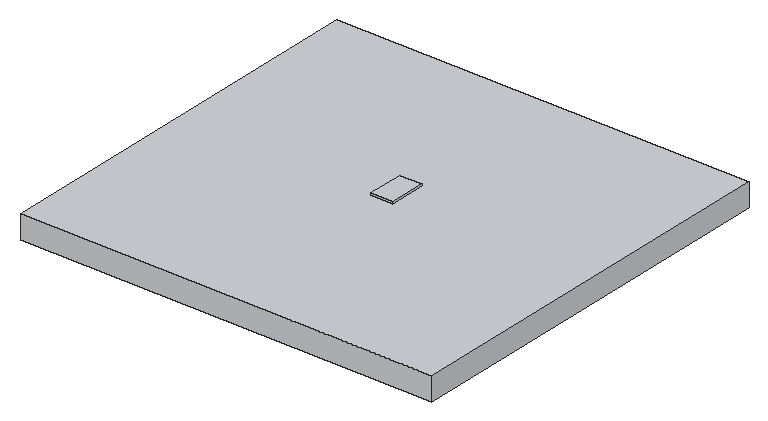
Revit family "M_Interruptor", category Iluminação elétrica, Revit 2019
Family settings
  Hospedeiro = Face
  Manter orientação da anotação = Sim
  Cota do conector redondo = Utilizar diâmetro
  Tipo de parte = Interruptor
  Número OmniClass = 23.80.50.11.14
  Título OmniClass = Switches
  ID de item do Seek = Switch-0000-CAN-ENU
  Corte com vazios quando carregada = Não
  Compartilhado = Não
  Ponto de cálculo do ambiente = Não
Parameters (values of type "Ventilador")
  Voltagem do interruptor = 120 V
  Número de pólos do interruptor = 1
  Classificação de carga = Outros
  Legenda = "F"
  Elevação-padrão = 1200 mm
  Assembly Code = ""
  Carga aparente = 0 VA
Types (4, lengths in mm): name | Legenda | Elevação-padrão
  Porta motorizada | "F" | 1200
  Cortinas motorizadas | "MS" | 1219
  Tela de projeção | "PS" | 1219
  Ventilador | "F" | 1200
Reference planes
  plane 1 "Centro (Frente/Trás)": y = 0
  plane 2: z = 0
  plane 3 "Centro (Esquerda/Direita)": x = 0
  plane 4: x = -34.925
  plane 5: x = 34.925
  plane 6: x = -19.05
  plane 7: x = 19.05
  plane 8: y = 57.15
  plane 9: y = -57.15
  plane 10: y = 38.1
  plane 11: y = -38.1
  plane 12 "nível acima": z = 4.762
  plane 13 "nível abaixo": z = -53.975
Forms (mm)
  Extrusion 1, solid
    sketch origin (0, 0, 0) x (1, 0, 0) y (0, 1, 0)
      loop
        line (-644.525, 571.5) -> (-644.525, -666.75) -> (644.525, -666.75) -> (644.525, 571.5) -> (-644.525, 571.5)
    from 0 to -72.672
  Extrusion 2, solid
    sketch origin (0, 0, 0) x (1, 0, 0) y (0, 1, 0)
      loop
        line (-34.925, 57.15) -> (-34.925, -57.15) -> (34.925, -57.15) -> (34.925, 57.15) -> (-34.925, 57.15)
    from 0 to 4.762
  Extrusion 3, solid
    sketch origin (0, 0, 0) x (1, 0, 0) y (0, 1, 0)
      loop
        line (-19.05, 38.1) -> (-19.05, -38.1) -> (19.05, -38.1) -> (19.05, 38.1) -> (-19.05, 38.1)
    from 0 to -53.975
Lines and regions (mm)
  symbolic lines, detail levels fine
    curve 1: line (-34.925, 0, 4.762) -> (34.925, 0, 4.762)
    curve 2: line (-34.925, 0, 0) -> (-34.925, 0, 4.762)
    curve 3: line (34.925, 0, 0) -> (-34.925, 0, 0)
    curve 4: line (34.925, 0, 4.762) -> (34.925, 0, 0)
    curve 5: line (-19.05, 0, -53.975) -> (19.05, 0, -53.975)
    curve 6: line (-19.05, 0, 0) -> (-19.05, 0, -53.975)
    curve 7: line (19.05, 0, -53.975) -> (19.05, 0, 0)
Dimensions and locks
  equal spacing: plane 6, plane 3 "Centro (Esquerda/Direita)", plane 7, locked at 19.05 each
  locked: plane 6 to plane 7 at 38.1
  equal spacing: plane 4, plane 3 "Centro (Esquerda/Direita)", plane 5, locked at 34.925 each
  locked: plane 4 to plane 5 at 69.85
  locked: plane 8 to plane 9 at 114.3
  locked: plane 12 "nível acima" to level at 4.763
  locked: level to plane 13 "nível abaixo" at 53.975
  locked: plane 10 to plane 11 at 76.2
  equal spacing: plane 10, plane 1 "Centro (Frente/Trás)", plane 11, locked at 38.1 each
  equal spacing: plane 8, plane 1 "Centro (Frente/Trás)", plane 9, locked at 57.15 each
  aligned and locked: plane 2 to Extrusion 1
  aligned and locked: level to Extrusion 1
  aligned and locked: plane 8 to Extrusion 2
  aligned and locked: Extrusion 2 to plane 9
  aligned and locked: plane 5 to Extrusion 2
  aligned and locked: Extrusion 2 to plane 4
  aligned and locked: Extrusion 2 to level
  aligned and locked: plane 12 "nível acima" to Extrusion 2
  aligned and locked: plane 10 to Extrusion 3
  aligned and locked: Extrusion 3 to plane 6
  aligned and locked: plane 7 to Extrusion 3
  aligned and locked: Extrusion 3 to plane 11
  aligned and locked: Extrusion 3 to level
  aligned and locked: Extrusion 3 to plane 13 "nível abaixo"
  aligned and locked: plane 3 "Centro (Esquerda/Direita)" to nested 1
  aligned and locked: plane 1 "Centro (Frente/Trás)" to nested 1
  aligned and locked: curve 1 to plane 12 "nível acima"
  aligned and locked: plane 2 to curve 3
  aligned and locked: curve 5 to plane 13 "nível abaixo"
Automatic sketch dimensions
  Extrusion 2 sketch curve to plane 4 = 0 mm
  Extrusion 2 sketch curve to plane 5 = 0 mm
  Extrusion 2 sketch curve to plane 9 = 0 mm
  Extrusion 2 sketch curve to plane 8 = 0 mm
  Extrusion 3 sketch curve to plane 6 = 0 mm
  Extrusion 3 sketch curve to plane 7 = 0 mm
  Extrusion 3 sketch curve to plane 11 = 0 mm
  Extrusion 3 sketch curve to plane 10 = 0 mm
  Extrusion 1 sketch curve to Extrusion 1 sketch curve = 1289.05 mm
  Extrusion 1 sketch curve to Extrusion 1 sketch curve = 1238.25 mm
  curve 2 to plane 4 = 0 mm
  curve 3 to plane 5 = 0 mm
  plane 4 to curve 7 = 53.975 mm
  curve 5 to curve 5 = 38.1 mm
Nested families
  nested 1: "M_Anotação do interruptor" at (0, 0, 0), type "Anotação de interruptor", detail levels coarse+medium
Connectors
  electrical at (0, 38.1, -26.988), driven by "Voltagem do interruptor", driven by "Carga aparente", driven by "Número de pólos do interruptor", driven by "Classificação de carga"
    settings: on Extrusion 3, index 1, voltage 120 V, apparent load 0 VA, apparent load phase1 0 VA, apparent load phase2 0 VA, apparent load phase3 0 VA, power factor 1, load classification "Outros", number of poles 1, system type 31, power factor state 1, is connector primary yes, connector utility no, sub classification motor no, connector description ""
Definition of nested family "M_Anotação do interruptor"
  Parameters
    Legenda = "SC"
  Reference planes
    plane 1: y = 0
    plane 2: x = 0
  Lines and regions (mm)
    detail lines
      curve 1: line (0, 3.175, 0) -> (0, 0, 0)
      curve 3: arc (0.383, 2.833, 0) -> (-0.62, 2.459, 0) -> (0, 1.587, 0) r 0.674
      curve 4: arc (0, 1.587, 0) -> (0.392, 0.545, 0) -> (-0.718, 0.631, 0) r 0.66
    reference lines
      curve 2: line (0, 1.587, 0) -> (-3.044, 1.588, 0)
      curve 5: line (2.564, -1.199, 0) -> (2.564, 2.384, 0)
      curve 6: line (2.564, -1.199, 0) -> (7.201, -1.199, 0)
      curve 7: line (2.564, 1.163, 0) -> (7.878, 1.163, 0)
  Text (mm)
    label "2" at (0.646, -0.127, 0), shows "Legenda"
  Dimensions and locks
    locked: curve 6 to curve 7 at 2.362
    locked: curve 1 to curve 5 at 2.564
    locked: curve 1 to curve 1 at 3.175
    locked: plane 1 to curve 2 at 1.588
    aligned and locked: curve 1 to curve 2
    aligned and locked: curve 3 to curve 2
    aligned and locked: curve 4 to curve 2
    aligned and locked: plane 1 to curve 1
    aligned and locked: curve 1 to plane 2
    aligned and locked: plane 2 to curve 1
